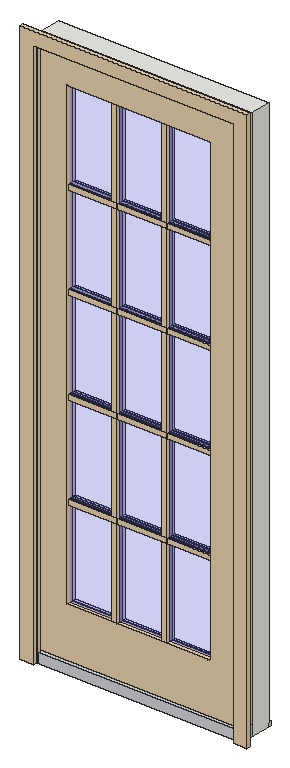
Revit family "Door-Inswing-Andersen-A_Series-Stationary 3", category Doors, host Wall, Revit 2013 (continued)
Dimensions and locks (in)
  aligned and locked: Extrusion 13 sketch curve to level
  aligned and locked: Extrusion 13 sketch curve to plane 57 "Glass1 S1"
  aligned and locked: Sweep 7 sketch curve to plane 49 "Panel1 S1"
  aligned and locked: Sweep 7 sketch curve to plane 67 "Frame S1.1"
  aligned and locked: plane 72 "R Ext Frame 2" to Sweep 7 sketch curve
  aligned and locked: Sweep 7 sketch curve to plane 73 "Stop S1"
  aligned and locked: plane 54 "R Stop" to Sweep 7 sketch curve
  aligned and locked: plane 67 "Frame S1.1" to Sweep 7 sketch curve
  aligned and locked: plane 74 "L Ext Frame 2" to Sweep 7 sketch curve
  aligned and locked: plane 73 "Stop S1" to Sweep 7 sketch curve
  aligned and locked: plane 53 "L Stop" to Sweep 7 sketch curve
  aligned and locked: plane 49 "Panel1 S1" to Sweep 7 sketch curve
  aligned and locked: Extrusion 14 sketch curve to plane 67 "Frame S1.1"
  aligned and locked: plane 56 "Sill Height" to Extrusion 14 sketch curve
  aligned and locked: plane 57 "Glass1 S1" to Extrusion 14 sketch curve
  aligned and locked: Extrusion 14 sketch curve to plane 49 "Panel1 S1"
  aligned and locked: plane 44 "B Panel" to Extrusion 14 sketch curve
  aligned and locked: plane 52 "Frame S1" to curve 47
  aligned and locked: plane 52 "Frame S1" to curve 52
  aligned and locked: plane 44 "B Panel" to Masking region 9 sketch curve
  aligned and locked: plane 42 "R Panel" to Masking region 9 sketch curve
  aligned and locked: Masking region 9 sketch curve to plane 41 "L Panel"
  aligned and locked: Masking region 9 sketch curve to plane 43 "T Panel"
  aligned and locked: plane 68 "T Int Frame" to curve 71
  aligned and locked: plane 45 "B Glazing" to Extrusion 11 sketch curve
  aligned and locked: nested 7 to plane 46 "T Glazing"
  aligned and locked: plane 56 "Sill Height" to curve 71
  aligned and locked: Extrusion 12 sketch curve to plane 45 "B Glazing"
  aligned and locked: plane 9 "Frame S2" to curve 79
  aligned and locked: curve 79 to plane 65 "R Int Frame"
  aligned and locked: plane 9 "Frame S2" to curve 105
  aligned and locked: curve 105 to plane 66 "L Int Frame"
  aligned and locked: Sweep 8 sketch curve to plane 4 "L Frame"
  aligned and locked: plane 52 "Frame S1" to Sweep 8 sketch curve
  aligned and locked: Sweep 8 sketch curve to plane 37 "L Ext Frame"
  aligned and locked: Sweep 8 sketch curve to plane 67 "Frame S1.1"
  aligned and locked: plane 74 "L Ext Frame 2" to Sweep 8 sketch curve
  aligned and locked: Sweep 8 sketch curve to plane 49 "Panel1 S1"
  aligned and locked: plane 73 "Stop S1" to Sweep 8 sketch curve
  aligned and locked: plane 53 "L Stop" to Sweep 8 sketch curve
  aligned and locked: Sweep 9 sketch curve to plane 9 "Frame S2"
  aligned and locked: Sweep 9 sketch curve to plane 4 "L Frame"
  aligned and locked: plane 49 "Panel1 S1" to Sweep 9 sketch curve
  aligned and locked: plane 66 "L Int Frame" to Sweep 9 sketch curve
  aligned and locked: plane 67 "Frame S1.1" to curve 114
  aligned and locked: plane 73 "Stop S1" to curve 114
  aligned and locked: plane 72 "R Ext Frame 2" to curve 114
  aligned and locked: plane 67 "Frame S1.1" to curve 115
  aligned and locked: plane 73 "Stop S1" to curve 115
  aligned and locked: plane 74 "L Ext Frame 2" to curve 115
  aligned and locked: plane 9 "Frame S2" to curve 119
  aligned and locked: curve 119 to plane 68 "T Int Frame"
  aligned and locked: plane 67 "Frame S1.1" to curve 144
  aligned and locked: plane 73 "Stop S1" to curve 144
  aligned and locked: plane 75 "T Ext Frame 2" to curve 144
  aligned and locked: level to curve 148
  aligned and locked: curve 148 to plane 9 "Frame S2"
  aligned and locked: plane 71 "Sill S1" to curve 32
  aligned and locked: level to curve 32
  aligned and locked: plane 67 "Frame S1.1" to curve 178
  aligned and locked: curve 178 to curve 31
Automatic sketch dimensions
  curve 32 to curve 32 = 0' - 0.748"
  curve 31 to curve 31 = 0' - 0.0799"
  curve 34 to curve 34 = 0' - 0.748"
  curve 33 to curve 33 = 0' - 0.0799"
  curve 72 to curve 38 = 0' - 0 1/2"
  curve 37 to curve 37 = 0' - 0.266"
  curve 38 to curve 35 = 0' - 0 3/4"
  curve 35 to curve 35 = 0' - 1.55"
  curve 36 to curve 36 = 0' - 0.314"
  curve 38 to curve 35 = 0' - 0.117"
  curve 73 to curve 42 = 0' - 0 1/2"
  curve 41 to curve 41 = 0' - 0.266"
  curve 42 to curve 39 = 0' - 0 3/4"
  curve 39 to curve 39 = 0' - 1.55"
  curve 40 to curve 40 = 0' - 0.314"
  curve 39 to curve 42 = 0' - 0.117"
  curve 74 to curve 46 = 0' - 0 1/2"
  curve 45 to curve 45 = 0' - 0.266"
  curve 46 to curve 43 = 0' - 0 3/4"
  curve 43 to curve 43 = 0' - 1.55"
  curve 44 to curve 44 = 0' - 0.314"
  curve 43 to curve 46 = 0' - 0.117"
  curve 24 to curve 23 = 0' - 0.881"
  curve 21 to curve 24 = 0' - 0.117"
  curve 22 to curve 22 = 0' - 0.314"
  curve 25 to curve 24 = 0' - 0 1/2"
  curve 23 to curve 23 = 0' - 0.266"
  curve 24 to curve 21 = 0' - 0 3/4"
  curve 21 to curve 21 = 0' - 1 5/8"
  curve 29 to curve 28 = 0' - 0.881"
  curve 26 to curve 29 = 0' - 0.117"
  curve 27 to curve 27 = 0' - 0.314"
  curve 30 to curve 29 = 0' - 0 1/2"
  curve 28 to curve 28 = 0' - 0.266"
  curve 29 to curve 26 = 0' - 0 3/4"
  curve 26 to curve 26 = 0' - 1 5/8"
  curve 37 to curve 72 = 0' - 0.881"
  curve 73 to curve 41 = 0' - 0.881"
  curve 74 to curve 45 = 0' - 0.881"
  curve 78 to curve 82 = 0' - 3.13338"
  curve 83 to curve 85 = 0' - 0.359"
  curve 82 to curve 82 = 0' - 0.7655"
  curve 79 to curve 87 = 0' - 0.71012"
  curve 87 to curve 78 = 0' - 0.47612"
  curve 87 to curve 78 = 0' - 0.37867"
  curve 80 to curve 80 = 0' - 0.12558"
  curve 77 to curve 81 = 0' - 0 1/8"  (x2)
  curve 77 to curve 75 = 0' - 0 1/8"
  curve 76 to curve 81 = 0' - 0"
  curve 85 to curve 84 = 0' - 0.06176"
  curve 84 to curve 83 = 0' - 0.76609"
  curve 81 to curve 80 = 0' - 0.04311"
  curve 84 to curve 75 = 0' - 0 1/8"
  curve 79 to curve 87 = 0' - 0.65588"
  curve 80 to curve 80 = 0' - 0.3698"
  curve 78 to curve 87 = 0' - 0.65588"
  curve 86 to curve 75 = 0' - 0"
  curve 85 to curve 86 = 0' - 0.47824"
  curve 82 to curve 87 = 0' - 1.06878"
  curve 79 to curve 79 = 0' - 2.18812"
  curve 83 to curve 85 = 0' - 0"
  curve 91 to curve 95 = 0' - 3.13338"
  curve 96 to curve 98 = 0' - 0.359"
  curve 95 to curve 95 = 0' - 0.7655"
  curve 92 to curve 100 = 0' - 0.71012"
  curve 100 to curve 91 = 0' - 0.47612"
  curve 100 to curve 91 = 0' - 0.37867"
  curve 93 to curve 93 = 0' - 0.12558"
  curve 90 to curve 94 = 0' - 0 1/8"  (x2)
  curve 90 to curve 88 = 0' - 0 1/8"
  curve 89 to curve 94 = 0' - 0"
  curve 98 to curve 97 = 0' - 0.06176"
  curve 97 to curve 96 = 0' - 0.76609"
  curve 94 to curve 93 = 0' - 0.04311"
  curve 97 to curve 88 = 0' - 0 1/8"
  curve 92 to curve 100 = 0' - 0.65588"
  curve 93 to curve 93 = 0' - 0.3698"
  curve 91 to curve 100 = 0' - 0.65588"
  curve 99 to curve 88 = 0' - 0"
  curve 98 to curve 99 = 0' - 0.47824"
  curve 95 to curve 100 = 0' - 1.06878"
  curve 92 to curve 92 = 0' - 2.18812"
  curve 96 to curve 98 = 0' - 0"
  curve 104 to curve 108 = 0' - 3.13338"
  curve 109 to curve 111 = 0' - 0.359"
  curve 108 to curve 108 = 0' - 0.7655"
  curve 105 to curve 113 = 0' - 0.71012"
  curve 113 to curve 104 = 0' - 0.47612"
  curve 113 to curve 104 = 0' - 0.37867"
  curve 106 to curve 106 = 0' - 0.12558"
  curve 103 to curve 107 = 0' - 0 1/8"  (x2)
  curve 103 to curve 101 = 0' - 0 1/8"
  curve 102 to curve 107 = 0' - 0"
  curve 111 to curve 110 = 0' - 0.06176"
  curve 110 to curve 109 = 0' - 0.76609"
  curve 107 to curve 106 = 0' - 0.04311"
  curve 110 to curve 101 = 0' - 0 1/8"
  curve 105 to curve 113 = 0' - 0.65588"
  curve 106 to curve 106 = 0' - 0.3698"
  curve 104 to curve 113 = 0' - 0.65588"
  curve 112 to curve 101 = 0' - 0"
  curve 111 to curve 112 = 0' - 0.47824"
  curve 108 to curve 113 = 0' - 1.06878"
  curve 105 to curve 105 = 0' - 2.18812"
  curve 109 to curve 111 = 0' - 0"
  Masking region 1 sketch curve to plane 52 "Frame S1" = 0' - 0"
  Masking region 2 sketch curve to plane 52 "Frame S1" = 0' - 0"
  Masking region 3 sketch curve to plane 52 "Frame S1" = 0' - 0"
  Masking region 4 sketch curve to plane 52 "Frame S1" = 0' - 0"
  curve 5 to plane 35 "L Int Casing" = 0' - 0 1/8"
  curve 31 to curve 31 = 0' - 1.52463"
  curve 33 to curve 33 = 0' - 1.52463"
  curve 148 to curve 160 = 0' - 0.92837"
  curve 159 to curve 159 = 0' - 0.08"
  curve 158 to curve 156 = 0' - 0.76609"
  curve 148 to curve 149 = 0' - 1.782"
  curve 155 to curve 154 = 0' - 0.08875"
  curve 151 to curve 151 = 0' - 0.27978"
  curve 160 to curve 159 = 0' - 0.4605"
  curve 157 to curve 160 = 0' - 0"
  curve 158 to curve 146 = 0' - 0.1245"
  curve 145 to curve 155 = 0' - 0.1255"
  curve 154 to curve 154 = 0' - 0.32416"
  curve 151 to curve 153 = 0' - 0.12594"
  curve 149 to curve 152 = 0' - 0.43827"
  curve 149 to curve 152 = 0' - 0.46788"
  curve 151 to curve 150 = 0' - 0.30104"
  curve 150 to curve 157 = 0' - 7.29358"
  curve 158 to curve 159 = 0' - 0 3/4"
  curve 156 to curve 155 = 0' - 0 3/4"
  curve 148 to curve 148 = 0' - 1 11/16"
  curve 152 to curve 149 = 0' - 0.13745"
  curve 157 to curve 160 = 0' - 0.35858"
  curve 145 to curve 158 = 0' - 0 1/8"
  curve 154 to curve 154 = 0' - 0.11008"
  curve 158 to curve 146 = 0' - 0"
  curve 145 to curve 147 = 0' - 0 1/8"
  curve 164 to curve 176 = 0' - 0.92837"
  curve 175 to curve 175 = 0' - 0.08"
  curve 174 to curve 172 = 0' - 0.76609"
  curve 164 to curve 165 = 0' - 1.782"
  curve 171 to curve 170 = 0' - 0.08875"
  curve 167 to curve 167 = 0' - 0.27978"
  curve 176 to curve 175 = 0' - 0.4605"
  curve 173 to curve 176 = 0' - 0"
  curve 174 to curve 162 = 0' - 0.1245"
  curve 161 to curve 171 = 0' - 0.1255"
  curve 170 to curve 170 = 0' - 0.32416"
  curve 167 to curve 169 = 0' - 0.12594"
  curve 165 to curve 168 = 0' - 0.43827"
  curve 165 to curve 168 = 0' - 0.46788"
  curve 167 to curve 166 = 0' - 0.30104"
  curve 166 to curve 173 = 0' - 7.29358"
  curve 174 to curve 175 = 0' - 0 3/4"
  curve 172 to curve 171 = 0' - 0 3/4"
  curve 164 to curve 164 = 0' - 1 11/16"
  curve 168 to curve 165 = 0' - 0.13745"
  curve 173 to curve 176 = 0' - 0.35858"
  curve 161 to curve 174 = 0' - 0 1/8"
  curve 170 to curve 170 = 0' - 0.11008"
  curve 174 to curve 162 = 0' - 0"
  curve 161 to curve 163 = 0' - 0 1/8"
  curve 4 to plane 52 "Frame S1" = 0' - 0"
  curve 3 to plane 52 "Frame S1" = 0' - 0"
  plane 26 "T Rough Opening" to curve 6 = 0' - 0.15975"
Nested families (in)
  nested 1: "Andersen Grille Bar" at (0, -2.22528, 50.4375) x (-1, 0, 0) z (0, 1, 0), Bar Width <- "Grille Bar Size", Bar Length <- "TS V Bar Length", visible <- "TS S V", type "Andersen Grille Bar"
    with Glass / 2 0' - 0 7/32", Glass 0' - 0 13/16", Center Line Length 6' - 7 7/8", Center Line 2, Bar Width 0' - 0 7/8", Bar Length 6' - 7 7/8"
  nested 2: "Andersen Grille Bar" at (4.27083, -2.22528, 50.4375) x (-1, 0, 0) z (0, 1, 0), Bar Width <- "Grille Bar Size", Bar Length <- "TS V Bar Length", visible <- "TS M V", type "Andersen Grille Bar"
    with Glass / 2 0' - 0 7/32", Glass 0' - 0 13/16", Center Line Length 6' - 7 7/8", Center Line 2, Bar Width 0' - 0 7/8", Bar Length 6' - 7 7/8"
  nested 3: "Andersen Grille Bar" at (0, -2.22528, 50.4375) x (0, 0, 1) z (0, 1, 0), Bar Width <- "Grille Bar Size", visible <- "TS S H Craftsman", Bar Length <- "H DLO", type "Andersen Grille Bar"
    with Glass / 2 0' - 0 1/8", Glass 0' - 0 5/8", Center Line Length 2' - 0 3/4", Center Line 2, Bar Width 0' - 0 7/8", Bar Length 2' - 0 3/4"
  nested 4: "Andersen Grille Bar" at (0, -2.22528, 50.4375) x (0, 0, 1) z (0, 1, 0), Bar Width <- "Grille Bar Size", visible <- "TS S H", Bar Length <- "H DLO", type "Andersen Grille Bar"
    with Glass / 2 0' - 0 7/32", Glass 0' - 0 13/16", Center Line Length 2' - 0 3/4", Center Line 2, Bar Width 0' - 0 7/8", Bar Length 2' - 0 3/4"
  nested 5: "Andersen Grille Bar" at (0, -2.22528, 74.6625) x (0, 0, 1) z (0, 1, 0), Bar Width <- "Grille Bar Size", visible <- "TS M H", Bar Length <- "H DLO", type "Andersen Grille Bar"
    with Glass / 2 0' - 0 7/32", Glass 0' - 0 13/16", Center Line Length 2' - 0 3/4", Center Line 2, Bar Width 0' - 0 7/8", Bar Length 2' - 0 3/4"
  nested 6: "Andersen Grille Bar" at (0, -2.22528, 26.2125) x (0, 0, 1) z (0, 1, 0), Bar Width <- "Grille Bar Size", visible <- "TS M H", Bar Length <- "H DLO", type "Andersen Grille Bar"
    with Glass / 2 0' - 0 7/32", Glass 0' - 0 13/16", Center Line Length 2' - 0 3/4", Center Line 2, Bar Width 0' - 0 7/8", Bar Length 2' - 0 3/4"
  nested 7: "Andersen Grille Bar" at (-4.27083, -2.22528, 50.4375) x (-1, 0, 0) z (0, 1, 0), Bar Width <- "Grille Bar Size", Bar Length <- "TS V Bar Length", visible <- "TS M V", type "Andersen Grille Bar"
    with Glass / 2 0' - 0 7/32", Glass 0' - 0 13/16", Center Line Length 6' - 7 7/8", Center Line 2, Bar Width 0' - 0 7/8", Bar Length 6' - 7 7/8"
  nested 8: "Andersen Grille Bar" at (0, -2.22528, 58.5125) x (0, 0, 1) z (0, 1, 0), Bar Width <- "Grille Bar Size", visible <- "TS M H", Bar Length <- "H DLO", type "Andersen Grille Bar"
    with Glass / 2 0' - 0 7/32", Glass 0' - 0 13/16", Center Line Length 2' - 0 3/4", Center Line 2, Bar Width 0' - 0 7/8", Bar Length 2' - 0 3/4"
  nested 9: "Andersen Grille Bar" at (0, -2.22528, 42.3625) x (0, 0, 1) z (0, 1, 0), Bar Width <- "Grille Bar Size", visible <- "TS M H", Bar Length <- "H DLO", type "Andersen Grille Bar"
    with Glass / 2 0' - 0 7/32", Glass 0' - 0 13/16", Center Line Length 2' - 0 3/4", Center Line 2, Bar Width 0' - 0 7/8", Bar Length 2' - 0 3/4"
Definition of nested family "Andersen Grille Bar"
  Parameters (values of type "Andersen Grille Bar")
    Interior Bar Visibility = yes
    Interior Bar Material = none
    Glass / 2 [instance] = (Glass / 2) - 0' 0 3/16"  # 0' - 0 1/8"
    Glass [instance] = 0' - 0 5/8"
    Exterior Bar Visibility = yes
    Exterior Bar Finish = none
    Default Elevation = 4' - 0"
    Center Line Length [instance] = if(Center Line = 1, Bar Length + (Bar Width / 2), Bar Length)  # 0' - 4 7/16"
    Center Line [instance] = 1
    Between Glass Bar Visibility = yes
    Between Glass Bar Finish = none
    Bar Width [instance] = 0' - 0 7/8"
    Bar Length [instance] = 0' - 4"
  Reference planes (in)
    plane 1 "Center (Front/Back)": y = 0
    plane 2 "a": z = 0
    plane 3 "Center (Left/Right)": x = 0
    plane 4 "1": x = -0.4375
    plane 5 "2": x = 0.4375
    plane 6: y = 2
    plane 7: y = -2
    plane 8 "b": z = -0.625
    plane 9: z = -0.125
    plane 10: y = -2.4375
    plane 11 "a1": z = 12
    plane 12 "a2": z = -12
  Forms (in)
    Extrusion 1, solid
      sketch origin (0, 0, 0) x (1, 0, 0) y (0, 1, 0)
        loop
          line (-48, 48) -> (-48, -48) -> (48, -48) -> (48, 48) -> (-48, 48)
      from 0 to -12
    Extrusion 2, solid, material <- "Exterior Bar Finish", visible <- "Exterior Bar Visibility", detail levels fine
      sketch origin (0, 0, 0) x (1, 0, 0) y (0, 1, 0)
        loop
          line (-0.4375, 2) -> (-0.4375, -2) -> (0.4375, -2) -> (0.4375, 2) -> (-0.4375, 2)
      from 0 to 0.375
    Extrusion 3, solid, material <- "Between Glass Bar Finish", visible <- "Between Glass Bar Visibility", detail levels fine
      sketch origin (0, 0, 0) x (1, 0, 0) y (0, 1, 0)
        loop
          line (-0.4375, 2) -> (-0.4375, -2) -> (0.4375, -2) -> (0.4375, 2) -> (-0.4375, 2)
      from -0.5 to -0.125
    Extrusion 4, solid, material <- "Interior Bar Material", visible <- "Interior Bar Visibility", detail levels fine
      sketch origin (0, 0, 0) x (1, 0, 0) y (0, 1, 0)
        loop
          line (-0.4375, 2) -> (-0.4375, -2) -> (0.4375, -2) -> (0.4375, 2) -> (-0.4375, 2)
      from -1 to -0.625
  Lines and regions (in)
    model lines, style "GenericModel", detail levels coarse+medium
      curve 1: line (0, 2, 0) -> (0, -2.4375, 0)
    symbolic lines, style "GenericModel", detail levels coarse+medium
      curve 2: line (0, 2, 12) -> (0, -2.4375, 12)
      curve 3: line (0, 2, -12) -> (0, -2.4375, -12)
    model lines, style "InvisibleLines", not visible, detail levels coarse
      curve 4: line (0, 0, 12) -> (0, 0, -12)
    symbolic lines, detail levels fine
      curve 5: line (-0.4375, 2, 0) -> (-0.4375, -2, 0)
      curve 6: line (0.4375, 2, 0) -> (0.4375, -2, 0)
  Dimensions and locks (in)
    "Glass": plane 2 "a" to plane 8 "b"
    "Glass / 2": plane 2 "a" to plane 9
    locked: Extrusion 2 to Extrusion 2 at 0.375
    locked: plane 9 to Extrusion 3 at 0.375
    locked: plane 8 "b" to Extrusion 4 at 0.375
    equal spacing: plane 4 "1", plane 3 "Center (Left/Right)", plane 5 "2"
    equal spacing: plane 6, plane 1 "Center (Front/Back)", plane 7
    "Bar Width": plane 4 "1" to plane 5 "2"
    "Bar Length": plane 6 to plane 7
    "Center Line Length": plane 6 to plane 10
    locked: plane 11 "a1" to plane 2 "a" at 12
    locked: plane 2 "a" to plane 12 "a2" at 12
    aligned and locked: plane 2 "a" to Extrusion 1
    aligned and locked: level to Extrusion 1
    aligned and locked: Extrusion 2 to plane 2 "a"
    aligned and locked: Extrusion 2 to plane 4 "1"
    aligned and locked: plane 5 "2" to Extrusion 2
    aligned and locked: plane 6 to Extrusion 2
    aligned and locked: Extrusion 2 to plane 7
    aligned and locked: plane 9 to Extrusion 3
    aligned and locked: Extrusion 3 to plane 4 "1"
    aligned and locked: plane 5 "2" to Extrusion 3
    aligned and locked: plane 6 to Extrusion 3
    aligned and locked: Extrusion 3 to plane 7
    aligned and locked: plane 8 "b" to Extrusion 4
    aligned and locked: Extrusion 4 to plane 4 "1"
    aligned and locked: plane 5 "2" to Extrusion 4
    aligned and locked: plane 6 to Extrusion 4
    aligned and locked: Extrusion 4 to plane 7
    aligned and locked: plane 6 to curve 1
    aligned and locked: plane 10 to curve 1
    aligned and locked: curve 1 to plane 3 "Center (Left/Right)"
    aligned and locked: plane 6 to curve 2
    aligned and locked: plane 10 to curve 2
    aligned and locked: curve 2 to plane 3 "Center (Left/Right)"
    aligned and locked: plane 6 to curve 3
    aligned and locked: plane 10 to curve 3
    aligned and locked: curve 3 to plane 3 "Center (Left/Right)"
    aligned and locked: plane 11 "a1" to curve 4
    aligned and locked: plane 12 "a2" to curve 4
    aligned and locked: curve 4 to plane 1 "Center (Front/Back)"
    aligned and locked: plane 6 to curve 5
    aligned and locked: plane 6 to curve 6
    aligned and locked: plane 7 to curve 6
    aligned and locked: plane 7 to curve 5
    aligned and locked: curve 5 to plane 4 "1"
    aligned and locked: curve 6 to plane 5 "2"
  Automatic sketch dimensions
    Extrusion 1 sketch curve to Extrusion 1 sketch curve = 8' - 0"  (x2)
    plane 7 to Extrusion 2 sketch curve = 0' - 0"
    Extrusion 2 sketch curve to plane 5 "2" = 0' - 0 7/8"
    Extrusion 2 sketch curve to plane 6 = 0' - 0"
    Extrusion 2 sketch curve to Extrusion 2 sketch curve = 0' - 0 7/8"
    plane 7 to Extrusion 3 sketch curve = 0' - 0"
    Extrusion 3 sketch curve to plane 5 "2" = 0' - 0 7/8"
    Extrusion 3 sketch curve to plane 6 = 0' - 0"
    Extrusion 3 sketch curve to Extrusion 3 sketch curve = 0' - 0 7/8"
    Extrusion 4 sketch curve to plane 7 = 0' - 0"
    Extrusion 4 sketch curve to plane 5 "2" = 0' - 0 7/8"
    Extrusion 4 sketch curve to plane 6 = 0' - 0"
    Extrusion 4 sketch curve to Extrusion 4 sketch curve = 0' - 0 7/8"
